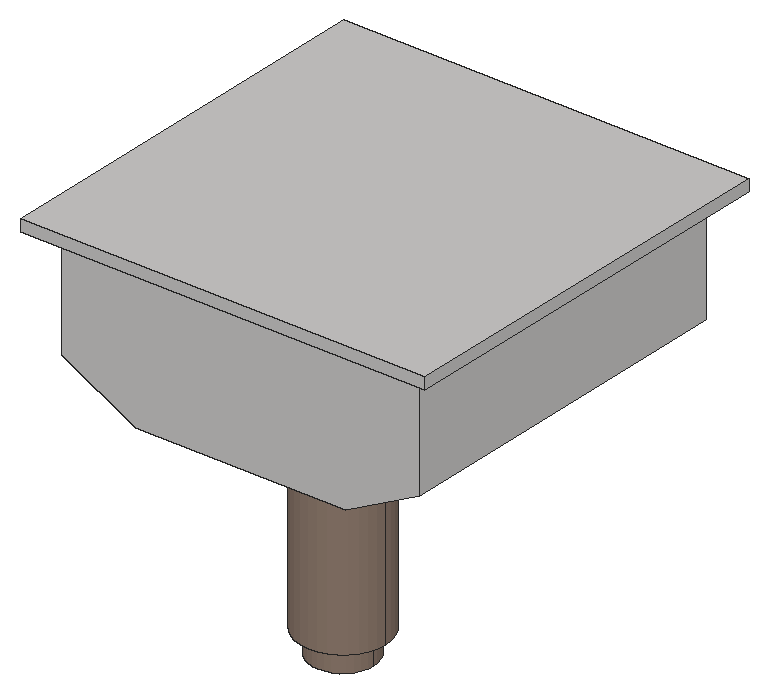
Revit family "Hydrant-Wall_Encased_Zurn-Z1330-C_Moderate_Climate", category Plumbing Fixtures, host Face, Revit 2022
Family settings
  Host = Face
  Round Connector Dimension = Use Radius
  Part Type = Normal
  OmniClass Number = 23.65.70.14.11.11
  OmniClass Title = Security Drinking Fountains/Coolers
  Cut with Voids When Loaded = No
  Maintain Annotation Orientation = No
  Shared = No
  Room Calculation Point = No
Parameters
  WFU = 0  # constant formula
  Product Installation Sheet URL = "https://files.zurn.com/care-cleaning-install-warranty-sheets/hyd701-04_1330-c_prop65.pdf"
  Modified Date = "09/05/2025"  # constant formula
  Head and Valve Housing = Bronze -Zurn - Polished
  HWFU = 0  # constant formula
  Depth = 6.500"  # constant formula
  Width = 6.500"  # constant formula
  Waste Connection = 1 = 0  # no
  Vent Connection = 1 = 0  # no
  URL = "www.zurn.com"
  Product data url = "https://bimobject.com/zurnindustries/product/zurn-z1330-c"
  Product Page URL = "https://www.zurn.com/products/drainage-interceptors/light-commercial/z1330-c"
  Product Documentation Link = "https://files.zurn.com/spec-sheets/z1330-c.pdf"
  Model = "Z1330-C"  # constant formula
  Manufacturer = "Zurn Water, LLC"  # constant formula
  Length = 6.500"  # constant formula
  HW Connection = 1 = 0  # no
  Female Solder and Male Pipe Thread = 0 GPM
  Description = "Moderate Climate Encased Wall Hydrant"  # constant formula
  Default Elevation = 48.000"  # constant formula
  Date Created = "09/02/2021"  # constant formula
  CWFU = 1  # constant formula
  CW Connection = 1 = 1  # yes
  Box and Cover = Bronze - Zurn - Chrome Plated
  Assembly Code = "D2020100"
  Approx. Wt. Lbs. = 6.000"
  3/4 Outlet Hose Connection = 0.375"  # constant formula
  3/4 Inlet Female Solder and Male Threaded = 0.375"  # constant formula
Types (2): name | Product Installation Sheet URL | Head and Valve Housing | Product data url | Product Page URL | Product Documentation Link | Box and Cover | Approx. Wt. Lbs.
  (no name) | "https://files.zurn.com/care-cleaning-install-warranty-sheets/hyd701-04_1330-c_prop65.pdf" | Bronze -Zurn - Polished | "https://bimobject.com/zurnindustries/product/zurn-z1330-c" | "https://www.zurn.com/products/drainage-interceptors/light-commercial/z1330-c" | "https://files.zurn.com/spec-sheets/z1330-c.pdf" | Bronze - Zurn - Chrome Plated | 6.000"
  8 Inch Wall Thickness | "" | Bronze - Zurn Industries, LLC - Cast | "https://bimobject.com/zurnindustries/product/zurn-z1330xl" | "http://www.zurn.com/Pages/ProductDetails.aspx?NodeKey=442288" | "http://content.zurn.com/web_documents/pdfs/specsheets/Z1330XL.pdf" | Steel - Zurn Industries - Stainless Type 304 | 0.000"
Reference planes (in)
  plane 1 "Center (Front/Back)": y = 0
  plane 2: z = 0
  plane 3 "Center (Left/Right)": x = 0
  plane 4: x = -3.25
  plane 5: x = 3.25
  plane 6: y = 3.25
  plane 7: y = -3.25
  plane 8 "Face": z = 0.1875
  plane 9 "Back": z = -2.4375
  plane 10: z = -6
  plane 11: z = -3.0625
  plane 12: x = -2.875
  plane 13: y = 2.875
  plane 14: x = -1.3
  plane 15: x = 1.3
  plane 16: y = 1.875
  plane 17: y = -2.0625
  plane 18: z = -5.625
  plane 19: x = 2.875
  plane 20: y = -2.875
  plane 21 "Hydrant Side": z = -3.0625
  plane 22: x = -0.688
  plane 23: x = 0.688
  plane 24: x = -0.5
  plane 25: x = 0.5
  plane 26: y = -0.8328
  plane 27: z = -1.8125
  plane 28: z = -2.625
  plane 29: z = -2.9375
  plane 30: x = 1.6875
  plane 31: x = -1.6875
  plane 32: y = 2.125
  plane 33: y = -2.65625
  plane 34: x = -1.5625
  plane 35: x = 1.5625
  plane 36: x = -0.75
  plane 37: x = 0.75
  plane 38: y = 0.3125
  plane 39: y = 0.73437
  plane 40: y = -0.10938
  plane 41: z = -0.9375
  plane 42: x = -2
  plane 43: x = -0.375
  plane 44: x = 0.375
  plane 45: y = -0.4578
  plane 46: y = -1.2078
  plane 47: x = -0.375
  plane 48: x = 0.375
  plane 49: y = 2.5
  plane 50: y = 1.75
Forms (in)
  Extrusion 1, solid, material "Bronze - Zurn - Chrome Plated" <- "Box and Cover", detail levels fine
    sketch origin (0, 0, 0) x (1, 0, 0) y (0, 1, 0)
      loop
        line (-3.25, 3.25) -> (-3.25, -3.25) -> (3.25, -3.25) -> (3.25, 3.25) -> (-3.25, 3.25)
    from 0 to 0.1875
  Extrusion 2, solid, material "Bronze -Zurn - Polished" <- "Head and Valve Housing", detail levels fine
    sketch origin (0, 0, 0) x (1, 0, 0) y (0, 1, 0)
      loop
        line (-1.3, 1.875) -> (-1.3, -2.0625) -> (1.3, -2.0625) -> (1.3, 1.875) -> (-1.3, 1.875)
    from -2.4375 to -2.75
  Extrusion 3, solid, material "Bronze -Zurn - Polished" <- "Head and Valve Housing", detail levels fine
    sketch origin (0, 0, 0) x (1, 0, 0) y (0, 1, 0)
      loop
        circle (0, -0.8328) r 0.6875
    from -2.75 to -5.625
  Extrusion 4, solid, material "Bronze -Zurn - Polished" <- "Head and Valve Housing", detail levels fine
    sketch origin (0, 0, 0) x (1, 0, 0) y (0, 1, 0)
      loop
        circle (0, -0.8328) r 0.5
    from -5.625 to -6
  Extrusion 5, solid, material "Bronze - Zurn - Chrome Plated" <- "Box and Cover", detail levels fine
    sketch origin (0, 0, 0) x (1, 0, 0) y (0, 0, 1)
      loop
        line (-2.875, 0) -> (-2.875, -1.8125) -> (-1.6875, -2.4375) -> (1.6875, -2.4375) -> (2.875, -1.8125) -> (2.875, 0) -> (-2.875, 0)
    from -2.875 to 2.875
  Extrusion 6, solid, material "Bronze - Zurn - Chrome Plated" <- "Box and Cover", detail levels fine
    sketch origin (0, 0, 0) x (0, 1, 0) y (0, 0, 1)
      loop
        line (-2.875, 0) -> (-2.875, -1.8125) -> (-2.65625, -2.4375) -> (2.125, -2.4375) -> (2.875, -1.8125) -> (2.875, 0) -> (-2.875, 0)
    from -2.875 to 2.875
  Extrusion 7, void, detail levels fine
    sketch origin (0, 0, 0) x (1, 0, 0) y (0, 0, 1)
      loop
        line (-2.875, -1.8125) -> (-2.875, -2.4375) -> (-1.6875, -2.4375) -> (-2.875, -1.8125)
      loop
        line (2.875, -1.8125) -> (1.6875, -2.4375) -> (2.875, -2.4375) -> (2.875, -1.8125)
    from -2.875 to 2.875
  Extrusion 8, solid, material "Bronze - Zurn - Chrome Plated" <- "Box and Cover", detail levels fine
    sketch origin (0, 0, 0) x (1, 0, 0) y (0, 0, 1)
      loop
        line (-1.5625, -2.4375) -> (-1.5625, -2.9375) -> (-0.75, -2.9375) -> (-0.75, -2.75) -> (-1.40895, -2.75) -> (-1.40895, -2.4375) -> (-1.5625, -2.4375)
      loop
        line (1.5625, -2.4375) -> (1.40895, -2.4375) -> (1.40895, -2.75) -> (0.75, -2.75) -> (0.75, -2.9375) -> (1.5625, -2.9375) -> (1.5625, -2.4375)
    from -0.73437 to 0.10937
  Extrusion 9, solid, not visible, detail levels fine
    sketch origin (0, 0, 0) x (1, 0, 0) y (0, 1, 0)
      loop
        circle (0, 2.125) r 0.375
    from -2.4375 to -0.9375
  Extrusion 10, void, detail levels coarse+medium
    sketch origin (0, 0, 0) x (1, 0, 0) y (0, 1, 0)
      loop
        line (-2.875, 2.875) -> (-2.875, -2.875) -> (2.875, -2.875) -> (2.875, 2.875) -> (-2.875, 2.875)
    from 0 to -2.9375
  Extrusion 11, void, detail levels coarse+medium
    sketch origin (0, 0, 0) x (1, 0, 0) y (0, 1, 0)
      loop
        circle (0, -0.8328) r 0.6875
    from -2.9375 to -6
Cuts and joins
  joined: Extrusion 2, Extrusion 3, Extrusion 4
  Extrusion 7 cuts Extrusion 6
  joined: Extrusion 5, Extrusion 6
Lines and regions (in)
  Masking region 1, detail levels fine
    outline origin (0, 0, -2.4375) x (-1, 0, 0) y (0, -1, 0)
      loop
        line (3.25, -3.25) -> (3.25, 3.25) -> (-3.25, 3.25) -> (-3.25, -3.25) -> (3.25, -3.25)
  Masking region 2
    outline origin (0, 0, -3.0625) x (-1, 0, 0) y (0, -1, 0)
      loop
        line (3.25, -3.25) -> (3.25, 3.25) -> (-3.25, 3.25) -> (-3.25, -3.25) -> (3.25, -3.25)
  model lines, detail levels coarse+medium
    curve 1: line (0, -0.8328, -6) -> (0, -0.8328, 0.1875)
    curve 2: line (-3.25, -3.25, 0.1875) -> (3.25, -3.25, 0.1875)
    curve 3: line (-3.25, 3.25, 0.1875) -> (-3.25, -3.25, 0.1875)
    curve 4: line (3.25, 3.25, 0.1875) -> (3.25, -3.25, 0.1875)
    curve 5: line (-3.25, 3.25, 0.1875) -> (3.25, 3.25, 0.1875)
    curve 6: line (-0.375, -0.8328, -6) -> (0.375, -0.8328, -6)
    curve 7: line (0, -0.4578, -6) -> (0, -1.2078, -6)
    curve 8: line (-0.375, 2.125, -0.9375) -> (0.375, 2.125, -0.9375)
    curve 9: line (0, 1.75, -0.9375) -> (0, 2.5, -0.9375)
    curve 10: line (0, 2.125, 0.1875) -> (0, 2.125, -0.9375)
Dimensions and locks (in)
  equal spacing: plane 4, plane 3 "Center (Left/Right)", plane 5
  "Length": plane 4 to plane 5
  equal spacing: plane 6, plane 1 "Center (Front/Back)", plane 7
  "Width": plane 6 to plane 7
  locked: plane 6 to plane 16 at 1.375
  locked: plane 17 to plane 16 at 3.9375
  equal spacing: plane 14, plane 3 "Center (Left/Right)", plane 15
  locked: plane 14 to plane 15 at 2.6
  locked: plane 11 to plane 18 at 2.5625
  equal spacing: plane 12, plane 3 "Center (Left/Right)", plane 19
  locked: plane 12 to plane 19 at 5.75
  equal spacing: plane 20, plane 1 "Center (Front/Back)", plane 13
  locked: plane 20 to plane 13 at 5.75
  locked: plane 26 to plane 7 at 2.4172
  locked: plane 8 "Face" to plane 2 at 0.1875
  locked: plane 8 "Face" to plane 28 at 2.8125
  locked: plane 8 "Face" to plane 27 at 2
  locked: plane 8 "Face" to plane 9 "Back" at 2.625
  locked: plane 8 "Face" to plane 10 at 6.1875
  locked: plane 8 "Face" to plane 29 at 3.125
  locked: plane 19 to plane 3 "Center (Left/Right)" at 2.875
  locked: plane 30 to plane 3 "Center (Left/Right)" at 1.6875
  locked: plane 3 "Center (Left/Right)" to plane 31 at 1.6875
  plane 1 "Center (Front/Back)" to plane 32 = 2.125"
  locked: plane 33 to plane 1 "Center (Front/Back)" at 2.65625
  locked: plane 6 to plane 38 at 2.9375
  locked: plane 8 "Face" to plane 41 at 1.125
  equal spacing: plane 43, plane 3 "Center (Left/Right)", plane 44
  "3/4 Outlet Hose Connection": plane 43 to plane 3 "Center (Left/Right)"
  "3/4 Outlet Hose Connection": plane 45 to plane 26
  plane 26 to plane 46 = 0.375"
  plane 49 to plane 32 = 0.375"
  plane 32 to plane 50 = 0.375"
  equal spacing: plane 47, plane 3 "Center (Left/Right)", plane 48
  "3/4 Outlet Hose Connection": plane 47 to plane 3 "Center (Left/Right)"
  radius of Extrusion 3 sketch curve = 0.6875"
  radius of Extrusion 9 sketch curve = 0.375"
  radius of cut or joined group of Extrusion 2, Extrusion 3, Extrusion 4 = 0.6875"
  aligned and locked: plane 2 to host face
  aligned and locked: level to host face
  aligned and locked: Extrusion 1 sketch curve to plane 6
  aligned and locked: plane 4 to Extrusion 1 sketch curve
  aligned and locked: Extrusion 1 sketch curve to plane 5
  aligned and locked: plane 7 to Extrusion 1 sketch curve
  aligned and locked: plane 8 "Face" to Extrusion 1
  aligned and locked: plane 16 to Extrusion 2 sketch curve
  aligned and locked: Extrusion 2 sketch curve to plane 15
  aligned and locked: plane 14 to Extrusion 2 sketch curve
  aligned and locked: Extrusion 2 sketch curve to plane 17
  aligned and locked: plane 9 "Back" to Extrusion 2
  aligned and locked: plane 3 "Center (Left/Right)" to Extrusion 3 sketch curve
  aligned and locked: plane 18 to Extrusion 3
  aligned and locked: plane 3 "Center (Left/Right)" to Extrusion 4 sketch curve
  aligned and locked: Extrusion 4 to plane 18
  aligned and locked: Extrusion 4 to plane 10
  aligned and locked: Masking region 1 sketch curve to Extrusion 1  (x4)
  aligned and locked: plane 21 "Hydrant Side" to plane 11
  aligned and locked: Masking region 2 sketch curve to Extrusion 1  (x4)
  aligned and locked: curve 1 to cut or joined group of Extrusion 2, Extrusion 3, Extrusion 4
  aligned and locked: Extrusion 1 to plane 8 "Face"
  aligned and locked: plane 26 to Extrusion 3 sketch curve
  aligned and locked: plane 12 to Extrusion 5 sketch curve
  aligned and locked: Extrusion 5 sketch curve to plane 2
  aligned and locked: Extrusion 5 sketch curve to plane 19
  aligned and locked: plane 9 "Back" to Extrusion 5 sketch curve
  aligned and locked: Extrusion 5 to plane 13
  aligned and locked: Extrusion 5 to plane 20
  aligned and locked: plane 20 to Extrusion 6 sketch curve
  aligned and locked: plane 9 "Back" to Extrusion 6 sketch curve
  aligned and locked: plane 13 to Extrusion 6 sketch curve
  aligned and locked: Extrusion 6 sketch curve to level
  aligned and locked: Extrusion 6 to plane 12
  aligned and locked: plane 19 to Extrusion 6
  aligned and locked: Extrusion 7 sketch curve to plane 12
  aligned and locked: Extrusion 7 sketch curve to plane 9 "Back"
  aligned and locked: Extrusion 7 sketch curve to plane 19
  aligned and locked: plane 9 "Back" to Extrusion 7 sketch curve
  aligned and locked: plane 36 to Extrusion 8 sketch curve
  aligned and locked: plane 29 to Extrusion 8 sketch curve
  aligned and locked: Extrusion 8 sketch curve to plane 34
  aligned and locked: plane 9 "Back" to Extrusion 8 sketch curve
  aligned and locked: Extrusion 8 to plane 39
  aligned and locked: Extrusion 8 to plane 40
  aligned and locked: Extrusion 3 to Extrusion 2
  aligned and locked: plane 3 "Center (Left/Right)" to Extrusion 9 sketch curve
  aligned and locked: plane 32 to Extrusion 9 sketch curve
  aligned and locked: plane 41 to Extrusion 9
  aligned and locked: Extrusion 9 to plane 9 "Back"
  aligned and locked: Extrusion 7 to plane 13
  aligned and locked: cut or joined group of Extrusion 5, Extrusion 6, Extrusion 7 to plane 12
  aligned and locked: cut or joined group of Extrusion 5, Extrusion 6, Extrusion 7 to plane 9 "Back"
  aligned and locked: plane 19 to cut or joined group of Extrusion 5, Extrusion 6, Extrusion 7
  aligned and locked: cut or joined group of Extrusion 5, Extrusion 6, Extrusion 7 to cut or joined group of Extrusion 5, Extrusion 6, Extrusion 7
  aligned and locked: Extrusion 10 to plane 2
  aligned and locked: Extrusion 10 to plane 29
  aligned and locked: plane 13 to Extrusion 10 sketch curve
  aligned and locked: plane 12 to Extrusion 10 sketch curve
  aligned and locked: plane 20 to Extrusion 10 sketch curve
  aligned and locked: Extrusion 10 sketch curve to plane 19
  aligned and locked: plane 26 to Extrusion 11 sketch curve
  aligned and locked: plane 3 "Center (Left/Right)" to Extrusion 11 sketch curve
  aligned and locked: plane 29 to Extrusion 11
  aligned and locked: Extrusion 11 to plane 10
  aligned and locked: plane 4 to curve 2
  aligned and locked: plane 5 to curve 2
  aligned and locked: curve 2 to plane 7
  aligned and locked: curve 3 to plane 4
  aligned and locked: plane 6 to curve 4
  aligned and locked: plane 7 to curve 4
  aligned and locked: curve 4 to plane 5
  aligned and locked: curve 5 to plane 6
  aligned and locked: plane 43 to curve 6
  aligned and locked: plane 44 to curve 6
  aligned and locked: curve 6 to plane 26
  aligned and locked: plane 45 to curve 7
  aligned and locked: plane 46 to curve 7
  aligned and locked: curve 7 to plane 3 "Center (Left/Right)"
  aligned and locked: plane 47 to curve 8
  aligned and locked: curve 8 to plane 32
  aligned and locked: plane 48 to curve 8
  aligned and locked: plane 49 to curve 9
  aligned and locked: plane 50 to curve 9
  aligned and locked: plane 3 "Center (Left/Right)" to curve 9
  aligned and locked: plane 8 "Face" to curve 10
  aligned and locked: plane 41 to curve 10
  aligned and locked: plane 32 to curve 10
Automatic sketch dimensions
  host sketch curve to host sketch curve = 96.000"  (x2)
  Extrusion 4 sketch curve to plane 26 = 0.000"
  plane 31 to Extrusion 5 sketch curve = 0.000"
  Extrusion 5 sketch curve to plane 30 = 0.000"
  Extrusion 5 sketch curve to plane 27 = 0.000"  (x2)
  Extrusion 6 sketch curve to plane 33 = 0.000"
  Extrusion 6 sketch curve to plane 32 = 0.000"
  plane 27 to Extrusion 6 sketch curve = 0.000"  (x2)
  plane 31 to Extrusion 7 sketch curve = 0.000"
  Extrusion 7 sketch curve to plane 30 = 0.000"
  Extrusion 7 sketch curve to plane 27 = 0.000"  (x2)
  plane 37 to Extrusion 8 sketch curve = 0.000"
  Extrusion 8 sketch curve to plane 9 "Back" = 0.000"
  plane 35 to Extrusion 8 sketch curve = 0.000"
  Extrusion 8 sketch curve to plane 29 = 0.000"
  Extrusion 8 sketch curve to plane 14 = 0.10895"
  plane 15 to Extrusion 8 sketch curve = 0.10895"
  plane 28 to Extrusion 8 sketch curve = 0.125"  (x2)
  curve 1 to plane 8 "Face" = 0.000"
  curve 1 to plane 10 = 0.000"
  radius of Extrusion 4 sketch curve = 0.500"
  radius of Extrusion 11 sketch curve = 0.6875"
Connectors (in)
  piping at (0, -0.8328, -6), diameter 0.75, driven by "CW Connection", driven by "Female Solder and Male Pipe Thread", driven by "3/4 Inlet Female Solder and Male Threaded"
    settings: on cut or joined group of Extrusion 2, Extrusion 3, Extrusion 4, index 1, connector inside diameter 3/4", connector length 0.000", flow factor 0, pipe flow 0 GPM, pressure drop 0.00 psi, fitting loss kfactor 0, connector angle 0.00°, fixture units 0, engagement length 0.000", angle of deflection 0.00°, flow configuration 0, flow direction 1, fitting loss method 0, system type 20, joint type 0, gender type 0, connector reference index -1, connector utility 1, adjustable connector no, is connector primary yes, connector description "Female Solder and Male Pipe Thread"
  piping at (0, 2.125, -0.9375), diameter 0.75, driven by "3/4 Outlet Hose Connection", driven by "CW Connection"
    settings: on Extrusion 9, index 2, connector inside diameter 24", connector length 0.000", flow factor 0, pipe flow 0 GPM, pressure drop 0.00 psi, fitting loss kfactor 0, connector angle 0.00°, fixture units 0, engagement length 0.000", angle of deflection 0.00°, flow configuration 0, flow direction 2, fitting loss method 0, system type 20, joint type 0, gender type 0, connector reference index -1, connector utility 1, adjustable connector no, is connector primary no, connector description "Hose Connection"
